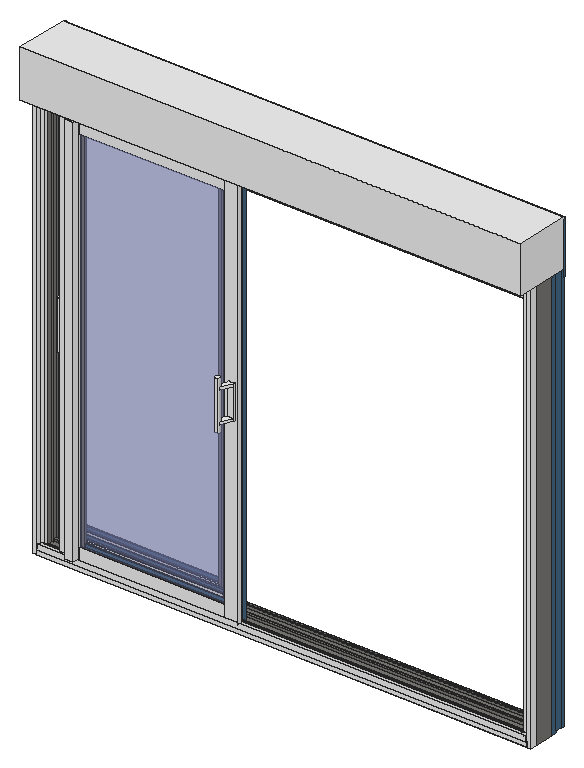
Revit family "K-LINE COULISSANT RENO-tunnel-KLBC3R-3V - Bloc Baie", category Fenêtres, Revit 2017
Family settings
  Hôte = Mur
  Numéro OmniClass = 23.30.20.00
  Titre OmniClass = Windows
  Toujours verticalement = Oui
  Couper avec des vides une fois chargée = Non
  Partagée = Non
  Point de calcul de pièce = Non
Parameters
  Youtube clip = ""
  Vitrage principal = ""
  Vitrage = Verre
  Visibilité des lames [instance] = yes
  Uniformat II Description = "Exterior Windows"
  Uniformat II Code = "B2020"
  Uniclass 2015 Name = "Doors and windows"
  Uniclass 2015 Code = "EF_25_30"
  Uniclass 2.0 Description = "Windows"
  Uniclass 2.0 Code = "PR-59-97"
  Uniclass 1.4 Description = "Windows"
  Uniclass 1.4 Code = "L413"
  URL = "https://pro.k-line.fr/baie-coulissante-3-rails.html"
  UNSPSC Code = "301716"
  Type porte fenêtre = Hauteur de fabrication > 1600.00 mm  # yes
  Type fenêtre = not(Type porte fenêtre)  # no
  Type de pose = "Pose en tunnel"
  Transmission thermique Uw = 1.4000 W/(m²·K)
  Transmission lumineuse TLw = "70%"
  Technical description = "http://www.pro.k-line.fr/baie-coulissante-3-rails.aspx"
  Symbole d'ouverture = yes
  Surface = Largeur * Hauteur  # 5.33815 m²
  SAV = "https://sav.k-line.fr/"
  QR code = "http://bimobject.com/k-line/product/KLBC3R-3VTX"
  Product url = "http://www.pro.k-line.fr/baie-coulissante-3-rails.aspx"
  Product group = "KL-BC3R"
  Product family = "Coulissants"
  Product data url = "https://www.bimobject.com/k-line/product/klbc3r-3vt-bbvr"
  Product certification = "http://www.pro.k-line.fr/baie-coulissante-3-rails-performances-certifications.aspx#produits"
  Product SKU = "KLBC3R-3VTX"
  Product Guid = "13ded3f3-efb5-4d70-944f-c43e4c48225d"
  Position traverse inter = Position du dessus de traverse - 64.00 mm  # 936.00 mm
  Position ouv central [instance] = if(Coulissant ouvert, Largeur de fabrication * 2 / 3 - 100.00 mm, Largeur ouvrant + 22.00 mm)  # 1500.00 mm
  Position du dessus de traverse = 1000.00 mm
  Position de l'ouvrant [instance] = if(Coulissant ouvert, Largeur de fabrication * 2 / 3 - 191.20 mm, 42.00 mm)  # 1408.80 mm
  Outil de thermo-luminosité = "https://pro.k-line.fr/le-calculateur-de-performances-thermiques-thermo-luminositer.html"
  Origine France Garantie = "https://pro.k-line.fr/pdf/attestations/Attestation_definitive_OFG_K-LINE.pdf"
  Option habillage extérieur = yes
  OmniClass Description = "Windows"
  OmniClass Code = "23-17 13 00"
  Occultation Thermobloc SPPF = yes
  Occultation Classic BUBENDORFF = not(Occultation Thermobloc SPPF)  # no
  Occultation = if(Occultation Thermobloc SPPF, "Thermobloc SPPF", "Classic BUBENDORFF")  # "Thermobloc SPPF"
  Numéro de série = "K.........."
  Note d'identification = "08520"
  Nombre de traverses intermédiaires = 0.00 mm
  Neuf / Réno / Multi support = "Réno"
  NBS Reference Description = "Windows"
  NBS Reference Code = "59-97"
  Mortaise et grille d'entrée d'air = "Non"
  Modèle = "KL-BC3R-3V"
  Message Hors abaques [instance] = or(or(1300.00 mm > Largeur de fabrication, Largeur de fabrication > 3000.00 mm), or(1601.00 mm > Hauteur de fabrication, Hauteur de fabrication > 2400.00 mm), and(Hauteur de fabrication > 1850.00 mm, Largeur de fabrication < 1400.00 mm), and(Hauteur de fabrication > 2000.00 mm, Largeur de fabrication < 1500.00 mm), and(Hauteur de fabrication > 2100.00 mm, Largeur de fabrication < 1600.00 mm), and(Hauteur de fabrication > 2250.00 mm, Largeur de fabrication < 1700.00 mm))  # no
  Matériaux = "Aluminium et verre"
  Masterformat 2014 Description = "Aluminum Windows"
  Masterformat 2014 Code = "08 51 13"
  Manufacturer country = "France"
  Lg volet = Largeur de fabrication - 30.60 mm  # 2369.40 mm
  Largeur ouvrant = (Largeur de fabrication - 199.00 mm) / 3 + 72.50 mm  # 806.167 mm
  Largeur ouv central = (Largeur de fabrication - 199.00 mm) / 3 + 50.00 mm  # 783.667 mm
  Largeur de fabrication = Largeur - Joint en montants * 2  # 2400.00 mm
  Rough Width [instance] = Largeur  # 2410.00 mm
  Joint en traverses = 5.00 mm
  Joint en montants = 5.00 mm
  Installation instructions = "https://pro.k-line.fr/notices-de-pose.html"
  IFC Classification = "Window"
  Ht volet = Ht dormant - 10.80 mm  # 1964.20 mm
  Ht dormant = Hauteur de fabrication - Ht coffre  # 1975.00 mm
  Ht coffre = if(Occultation Classic BUBENDORFF, 200.00 mm, 225.00 mm)  # 225.00 mm
  Hors abaques Porte Fenetre [instance] = or(or(1200.00 mm > Largeur de fabrication, Largeur de fabrication > 3000.00 mm), or(500.00 mm > Hauteur de fabrication, Hauteur de fabrication > 1600.00 mm))  # yes
  Hors abaques Fenetre [instance] = yes
  Hors abaques [instance] = and(if(Type fenêtre, Hors abaques Fenetre, Hors abaques Porte Fenetre), Message Hors abaques)  # no
  Hauteur ouvrant = Ht dormant - 75.00 mm  # 1900.00 mm
  Hauteur de fabrication = Hauteur - Joint en traverses * 2 - 5.00 mm  # 2200.00 mm
  Rough Height [instance] = Hauteur  # 2215.00 mm
  Hauteur = 2215.00 mm
  Hauteur de l'appui par défaut = 0.00 mm
  Grande Hauteur = and(Hauteur de fabrication > 2350.00 mm, Largeur de fabrication > 2900.00 mm)  # no
  Garanties = "https://www.pro.k-line.fr/pdf/Attestations-Avis_technique/Responsabilite_fabricant/Garanties_Legales_KLINE.pdf"
  Fermeture du mur = Par hôte
  Largeur = 2410.00 mm
  Famille de produit = "COULISSANT"
  Facteur solaire ScW (Hiver) = 0.56
  Fabricant = "K.LINE"
  Entretien = "https://www.pro.k-line.fr/pdf/Fiches_Entretien/Entretien_Menuiserie.pdf"
  Entreprise de pose = ""
  EAN code = ""
  Décalage intérieur du nu fini [instance] = 20.00 mm
  Description = "Fenêtre et porte fenêtre coulissante alu 3 rails"
  Coulissant ouvert [instance] = yes
  Couleur lames de volet = BUBENDORFF - 100 (RAL 9016)
  Couleur châssis Int = K.Line Intemporel Blanc satiné (9016 S) - KQ
  Couleur châssis Ext = K.Line Couleur Bleu Foncé (5003 T) - SR
  Couleur Accessoire Int = K.Line Accessoire Blanc - KQ
  Contraintes de Largeur = if(Type fenêtre, "1200 < Largeur < 3000", "1300 < Largeur < 3000")  # "1300 < Largeur < 3000"
  Contraintes de Hauteur = if(Type fenêtre, "500 < Hauteur < 1600", "1601 < Hauteur < 2400")  # "1601 < Hauteur < 2400"
  Construction analytique = "<Aucun>"
  Composition analytique de base = "Châssis 3500x2180 - Vitrage 4/WE Argon 20/TBE 4"
  Code d'assemblage = "B2020110"
  Classement AEV = "A*4 E*6B V*A3"
  Classe COV = "A+"
  Clair passage total = Largeur de fabrication * 2 / 3 - 242.00 mm  # 1358.00 mm
  COBIe Type Category = ""
  Brand url = "http://www.k-line.fr/index.aspx"
  BIMobject main category code = "windows"
  BIMobject main category = "Windows"
  BIMobject category code = "windows-slide"
  BIMobject category = "Opening Slide"
  Avis technique = "https://pro.k-line.fr/attestations-avis-techniques.html"
  Affaiblissement acoustique R(A,tr) = "30dB"
Reference planes
  plane 1 "Centre (avant/arrière)": y = 0
  plane 2 "Centre (gauche/droite)": x = 0
  plane 3 "Gauche": x = -1205
  plane 4 "Droite": x = 1205
  plane 5 "Appui": z = 0
  plane 6 "Tête": z = 2215
  plane 7 "Extérieur": y = 150
  plane 8 "Intérieur": y = -150
  plane 9: x = 1200
  plane 10: y = -130
  plane 11: z = 44
  plane 12: x = -208.8
  plane 13: y = -350
  plane 14: x = -300
  plane 15: x = -1200
  plane 16: x = -1158
  plane 17: z = 5
  plane 18: z = 1980
  plane 19: y = 61.75
Forms (mm)
  Extrusion 1, void
    sketch origin (0, 0, 0) x (1, 0, 0) y (0, 1, 0)
      loop
        line (-1205, 150) -> (-1205, -150) -> (1205, -150) -> (1205, 150) -> (-1205, 150)
    from 0 to 2215
Text (mm)
  text "EXTERIEUR" at (-1963.203, 1332.353, 0), in view "Niveau de réf."
  text "INTERIEUR" at (-1981.466, -818.386, 0), in view "Niveau de réf."
  text "Extérieur" at (0, 923.751, 2943.296), in view "Droite"
  text "Extérieur" at (0, 1040.484, 2685.409), in view "Gauche"
Dimensions and locks
  equal spacing: plane 3 "Gauche", plane 2 "Centre (gauche/droite)", plane 4 "Droite"
  "Largeur": plane 3 "Gauche" to plane 4 "Droite"
  "Hauteur": plane 5 "Appui" to plane 6 "Tête"
  "Hauteur de l'appui par défaut": plane 5 "Appui" to level
  locked: plane 7 "Extérieur" to host wall at 0
  locked: plane 8 "Intérieur" to host wall
  locked: plane 13 to plane 8 "Intérieur" at 200
  "Décalage intérieur du nu fini": plane 10 to plane 8 "Intérieur"
  "Joint en montants": plane 9 to plane 4 "Droite"
  "Position de l'ouvrant": plane 12 to plane 9
  "Joint en montants": plane 15 to plane 3 "Gauche"
  locked: plane 16 to plane 15 at 42
  "Position ouv central": plane 14 to plane 9
  "Joint en traverses": plane 5 "Appui" to plane 17
  locked: plane 11 to plane 17 at 39
  locked: plane 10 to plane 19 at 191.75
  "Ht dormant": plane 18 to plane 17
  aligned and locked: Extrusion 1 sketch curve to host wall  (x2)
  aligned and locked: Extrusion 1 sketch curve to plane 3 "Gauche"
  aligned and locked: plane 4 "Droite" to Extrusion 1 sketch curve
  aligned and locked: Extrusion 1 to plane 6 "Tête"
  aligned and locked: plane 5 "Appui" to Extrusion 1
  aligned and locked: nested 2 to plane 12
  aligned and locked: nested 2 to plane 11
  aligned and locked: plane 11 to nested 1
  aligned and locked: nested 3 to plane 2 "Centre (gauche/droite)"
  aligned and locked: nested 3 to plane 13
  aligned and locked: nested 4 to plane 2 "Centre (gauche/droite)"
  aligned and locked: plane 14 to nested 5
  aligned and locked: plane 11 to nested 5
  aligned and locked: nested 4 to plane 10
  aligned and locked: nested 4 to nested 1
  aligned and locked: nested 4 to nested 5
  aligned and locked: nested 4 to nested 2
  aligned and locked: nested 1 to plane 16
  aligned and locked: plane 18 to nested 4
  aligned and locked: plane 2 "Centre (gauche/droite)" to nested 6
  aligned and locked: nested 6 to plane 19
  aligned and locked: nested 6 to plane 18
Nested families
  nested 1: "Ouvrant KLBC" at (-1158, 1.75, 44) x (-1, 0, 0) z (0, 0, 1), type "Ouvrant KLBC"
    with Vantail Int no, Vantail Ext yes, Renfort PF no, Position symbole 120.00 mm, Poignée PF yes, Poignée F no, Poignée CPI no, Position traverses 608.667 mm, Porte fenêtre yes, Lg vitrage 733.667 mm, Lg traverse 703.667 mm, Largeur 806.167 mm, Ht vitrage 1804.00 mm, Ht traverse 1 936.00 mm, Hauteur 1900.00 mm, Fenêtre no
  nested 2: "Ouvrant KLBC" at (-208.8, -108.25, 44), type "Ouvrant KLBC"
    with Vantail Int yes, Vantail Ext no, Renfort PF yes, Position symbole 85.00 mm, Poignée PF yes, Poignée F no, Poignée CPI no, Position traverses 608.667 mm, Porte fenêtre yes, Lg vitrage 733.667 mm, Lg traverse 703.667 mm, Largeur 806.167 mm, Ht vitrage 1804.00 mm, Ht traverse 1 936.00 mm, Hauteur 1900.00 mm, Fenêtre no
  nested 3: "Texte Hors abaques" at (0, -350, 0), visible <- "Hors abaques", type "Texte Hors abaques"
  nested 4: "Dormant KL-BC3R RENO tunnel occultation" at (0, -130, 5), type "Dormant KL-BC3R RENO tunnel occultation"
    with Largeur 2400.00 mm, Hauteur 1975.00 mm
  nested 5: "Ouvrant central KLBC3R" at (-1063.667, -53.25, 44) x (-1, 0, 0) z (0, 0, 1), type "Ouvrant central KLBC3R"
    with Position traverses 608.667 mm, Lg vitrage 733.667 mm, Lg traverse 703.667 mm, Largeur 783.667 mm, Ht vitrage 1804.00 mm, Ht traverse 1 936.00 mm, Hauteur 1900.00 mm
  nested 6: "Bloc Baie Reno" at (0, 61.75, 15.8) x (-1, 0, 0) z (0, 0, 1), Visibilité des lames <- "Visibilité des lames", type "Bloc Baie Reno"
    with Visibilité des lames yes, Largeur 2369.40 mm, Hauteur 1964.20 mm
Definition of nested family "Ouvrant KLBC"
  Parameters (values of type "Ouvrant KLBC")
    Vitrage = none
    Visibilité ouverture = yes
    Vantail Int [instance] = not(Vantail Ext)  # no
    Vantail Ext [instance] = yes
    Renfort PF [instance] = and(Vantail Int, Porte fenêtre)  # no
    Profondeur renfort = if(Mt renforcé, 53.75 mm, 32.00 mm)  # 32.00 mm
    Position traverses = if([3 traverses], (Height - 274.00 mm) / 4 + 50.00 mm, (Height - 224.00 mm) / 3 + 50.00 mm)  # 456.333 mm
    Position symbole [instance] = if(Vantail Int, 85.00 mm, 120.00 mm)  # 120.00 mm
    Porte fenêtre = no
    Poignée PF [instance] = and(Porte fenêtre, not(Poignée CPI))  # no
    Poignée F [instance] = and(Fenêtre, not(Poignée CPI))  # yes
    Poignée CPI [instance] = and(Vantail Int, CPI)  # no
    Nb traverses = 0.00 mm
    Mt renforcé = no
    Lg vitrage = Width - 72.50 mm  # 1143.50 mm
    Lg traverse = Width - 102.50 mm  # 1113.50 mm
    Width = 1216.00 mm
    Ht vitrage = Height - 96.00 mm  # 1347.00 mm
    Ht traverse 1 = 431.00 mm
    Height = 1443.00 mm
    Fenêtre = yes
    Couleur châssis Int = none
    Couleur châssis Ext = none
    Couleur Accessoire Int = none
    Analytic Construction = "<Aucun>"
    CPI = no
    3 traverses = Nb traverses = 3.00 mm  # no
    2 traverses = or(Nb traverses = 2.00 mm, Nb traverses = 3.00 mm)  # no
    1 traverse = Nb traverses = 1.00 mm  # no
  Reference planes
    plane 1 "Centre (avant/arrière)": y = 0
    plane 2: z = 0
    plane 3 "Centre (gauche/droite)": x = 0
    plane 4: x = -1216
    plane 5: y = 21.75
    plane 6 "Nu ext": y = -21.75
    plane 7: x = -62.5
    plane 8: x = -47.5
    plane 9: x = -13
    plane 10: x = -1176
    plane 11: x = -1191
    plane 12: x = -1196
    plane 13: y = -14
    plane 14: y = 14
    plane 15: y = -8
    plane 16: y = 8
    plane 17: x = -1213
    plane 18: y = 28.25
    plane 19: z = 1443
    plane 20: z = 721.5
    plane 21: z = 62
    plane 22: z = 48
    plane 23: z = 13
    plane 24: y = -20
    plane 25: y = 20
    plane 26: z = 1381
    plane 27: z = 1395
    plane 28: z = 1430
    plane 29: x = -31.5
    plane 30: x = -619.25
    plane 31: y = -28.25
    plane 32: y = 53.75
    plane 33: z = 493.333
    plane 34: z = 949.667
    plane 35: z = 1406
    plane 36: z = 1862.333
    plane 37: z = 37
    plane 38: z = 431
    plane 39: y = 120
    plane 40: z = 1253
    plane 41: y = 46.75
  Forms (mm)
    Extrusion 1, solid, material <- "Couleur châssis Int"
      sketch origin (0, 0, 0) x (1, 0, 0) y (0, 1, 0)
        loop
          line (-62.5, 21.75) -> (-62.5, 14) -> (-47.5, 14) -> (-47.5, 0) -> (-13, 0) -> (-13, 8) -> (0, 8) -> (0, 21.75) -> (-62.5, 21.75)
      from 0 to 1443
    Extrusion 2, solid, material <- "Couleur châssis Ext"
      sketch origin (0, 0, 0) x (1, 0, 0) y (0, 1, 0)
        loop
          line (-62.5, -21.75) -> (0, -21.75) -> (0, -8) -> (-13, -8) -> (-13, 0) -> (-47.5, 0) -> (-47.5, -14) -> (-62.5, -14) -> (-62.5, -21.75)
      from 0 to 1443
    Extrusion 3, solid, visible <- "Vantail Ext"
      sketch origin (0, 0, 0) x (1, 0, 0) y (0, 1, 0)
        loop
          line (-1213, 28.25) -> (-1213, -14) -> (-1191, -14) -> (-1191, 14) -> (-1176, 14) -> (-1176, 21.75) -> (-1196, 21.75) -> (-1196, 28.25) -> (-1213, 28.25)
      from 0 to 1443
    Extrusion 4, solid, material <- "Couleur châssis Ext", visible <- "Vantail Ext"
      sketch origin (0, 0, 0) x (1, 0, 0) y (0, 1, 0)
        loop
          line (-1216, 28.25) -> (-1216, -21.75) -> (-1176, -21.75) -> (-1176, -14) -> (-1213, -14) -> (-1213, 28.25) -> (-1216, 28.25)
      from 0 to 1443
    Extrusion 5, solid, material <- "Couleur châssis Ext"
      sketch origin (0, 0, 0) x (0, 1, 0) y (0, 0, 1)
        loop
          line (-20, 62) -> (-20, 0) -> (-8, 0) -> (-8, 13) -> (0, 13) -> (0, 48) -> (-14, 48) -> (-14, 62) -> (-20, 62)
        loop
          line (-20, 1381) -> (-14, 1381) -> (-14, 1395) -> (0, 1395) -> (0, 1430) -> (-8, 1430) -> (-8, 1443) -> (-20, 1443) -> (-20, 1381)
      from -62.5 to -1176
    Extrusion 6, void
      sketch origin (0, 0, 0) x (0, 1, 0) y (0, 0, 1)
        loop
          line (-8, 13) -> (-8, 0) -> (8, 0) -> (8, 13) -> (-8, 13)
        loop
          line (-8, 1430) -> (8, 1430) -> (8, 1443) -> (-8, 1443) -> (-8, 1430)
      from 0 to -1216
    Extrusion 7, solid, material <- "Couleur châssis Int"
      sketch origin (0, 1.25, 0.625) x (0, -1, 0) y (0, 0, -1)
        loop
          line (-18.75, -61.375) -> (-12.75, -61.375) -> (-12.75, -47.375) -> (1.25, -47.375) -> (1.25, -12.375) -> (-6.75, -12.375) -> (-6.75, 0.625) -> (-18.75, 0.625) -> (-18.75, -61.375)
        loop
          line (-18.75, -1380.375) -> (-18.75, -1442.375) -> (-6.75, -1442.375) -> (-6.75, -1429.375) -> (1.25, -1429.375) -> (1.25, -1394.375) -> (-12.75, -1394.375) -> (-12.75, -1380.375) -> (-18.75, -1380.375)
      from -62.5 to -1176
    Extrusion 8, solid, material <- "Couleur châssis Int", visible <- "Vantail Int"
      sketch origin (0, 0, 0) x (1, 0, 0) y (0, 1, 0)
        loop
          line (-1216, -28.25) -> (-1213, -28.25) -> (-1213, 14) -> (-1176, 14) -> (-1176, 21.75) -> (-1216, 21.75) -> (-1216, -28.25)
      from 0 to 1443
    Extrusion 9, solid, visible <- "Vantail Int"
      sketch origin (0, 0, 0) x (1, 0, 0) y (0, 1, 0)
        loop
          line (-1213, -28.25) -> (-1196, -28.25) -> (-1196, -21.75) -> (-1176, -21.75) -> (-1176, -14) -> (-1191, -14) -> (-1191, 14) -> (-1213, 14) -> (-1213, -28.25)
      from 0 to 1443
    Extrusion 10, solid, material <- "Couleur châssis Int", visible <- "Renfort PF"
      sketch origin (0, 0, 0) x (1, 0, 0) y (0, 1, 0)
        loop
          line (-1216, 53.75) -> (-1216, 21.75) -> (-1176, 21.75) -> (-1176, 53.75) -> (-1216, 53.75)
      from 13 to 1443
    Extrusion 11, solid, material <- "Couleur Accessoire Int", visible <- "Poignée CPI"
      sketch origin (0, -21.75, 0) x (-1, 0, 0) y (0, 0, -1)
        loop
          line (13, -1443) -> (47.5, -1443) -> (47.5, -1257)
          arc (47.5, -1257) -> (46.328, -1254.172) -> (43.5, -1253) r 4
          line (43.5, -1253) -> (17, -1253)
          arc (17, -1253) -> (14.172, -1254.172) -> (13, -1257) r 4
          line (13, -1257) -> (13, -1443)
      from -43.5 to -68.5
  Cuts and joins
    Extrusion 6 cuts Extrusion 5
    Extrusion 6 cuts Extrusion 4
    Extrusion 6 cuts Extrusion 3
    Extrusion 6 cuts Extrusion 1
    Extrusion 6 cuts Extrusion 2
    Extrusion 6 cuts Extrusion 8
    Extrusion 6 cuts Extrusion 9
  Lines and regions (mm)
    symbolic lines, visible <- "Visibilité ouverture"
      curve 1: line (-719.25, -21.75, 721.5) -> (-519.25, -21.75, 721.5)
      curve 2: line (-719.25, -21.75, 721.5) -> (-682.998, -21.75, 738.405)
      curve 3: line (-719.25, -21.75, 721.5) -> (-682.998, -21.75, 704.595)
      curve 4: line (-719.25, 120, 0) -> (-519.25, 120, 0)
      curve 5: line (-719.25, 120, 0) -> (-680.613, 130.353, 0)
      curve 6: line (-719.25, 120, 0) -> (-680.613, 109.647, 0)
    model lines, visible <- "Visibilité ouverture"
      curve 7: line (-519.25, -21.75, 721.5) -> (-719.25, -21.75, 721.5)
      curve 8: line (-719.25, -21.75, 721.5) -> (-682.998, -21.75, 704.595)
      curve 9: line (-682.998, -21.75, 738.405) -> (-719.25, -21.75, 721.5)
  Dimensions and locks
    "Width": plane 4 to plane 3 "Centre (gauche/droite)"
    locked: plane 5 to plane 1 "Centre (avant/arrière)" at 21.75
    locked: plane 6 "Nu ext" to plane 1 "Centre (avant/arrière)" at 21.75
    locked: plane 7 to plane 3 "Centre (gauche/droite)" at 62.5
    locked: plane 7 to plane 8 at 15
    locked: plane 9 to plane 3 "Centre (gauche/droite)" at 13
    locked: plane 10 to plane 11 at 15
    locked: plane 4 to plane 12 at 20
    locked: plane 12 to plane 10 at 20
    locked: plane 6 "Nu ext" to plane 13 at 7.75
    locked: plane 5 to plane 14 at 7.75
    locked: plane 15 to plane 1 "Centre (avant/arrière)" at 8
    locked: plane 16 to plane 1 "Centre (avant/arrière)" at 8
    locked: plane 4 to plane 17 at 3
    locked: plane 6 "Nu ext" to plane 18 at 50
    "Height": plane 19 to plane 2
    equal spacing: plane 19, plane 20, plane 2
    locked: plane 21 to plane 2 at 62
    locked: plane 21 to plane 22 at 14
    locked: plane 2 to plane 23 at 13
    locked: plane 24 to plane 13 at 6
    locked: plane 25 to plane 14 at 6
    locked: plane 26 to plane 27 at 14
    locked: plane 19 to plane 28 at 13
    locked: plane 26 to plane 19 at 62
    locked: plane 29 to plane 3 "Centre (gauche/droite)" at 31.5
    equal spacing: plane 11, plane 30, plane 8
    locked: plane 5 to plane 31 at 50
    "Profondeur renfort": plane 32 to plane 5
    "Position traverses": plane 34 to plane 33
    "Position traverses": plane 35 to plane 34
    "Position traverses": plane 36 to plane 35
    locked: plane 21 to plane 37 at 25
    "Position traverses": plane 33 to plane 37
    "Ht traverse 1": plane 38 to plane 2
    "Position symbole": plane 39 to plane 1 "Centre (avant/arrière)"
    locked: plane 19 to plane 40 at 190
    locked: plane 41 to plane 5 at 25
    aligned and locked: level to plane 2
    aligned and locked: plane 7 to Extrusion 1 sketch curve
    aligned and locked: Extrusion 1 sketch curve to plane 5
    aligned and locked: Extrusion 1 sketch curve to plane 14
    aligned and locked: plane 8 to Extrusion 1 sketch curve
    aligned and locked: Extrusion 1 sketch curve to plane 1 "Centre (avant/arrière)"
    aligned and locked: Extrusion 1 sketch curve to plane 9
    aligned and locked: plane 16 to Extrusion 1 sketch curve
    aligned and locked: Extrusion 1 sketch curve to plane 3 "Centre (gauche/droite)"
    aligned and locked: plane 9 to Extrusion 2 sketch curve
    aligned and locked: Extrusion 2 sketch curve to plane 15
    aligned and locked: plane 3 "Centre (gauche/droite)" to Extrusion 2 sketch curve
    aligned and locked: plane 6 "Nu ext" to Extrusion 2 sketch curve
    aligned and locked: Extrusion 2 sketch curve to plane 7
    aligned and locked: plane 13 to Extrusion 2 sketch curve
    aligned and locked: Extrusion 2 sketch curve to plane 8
    aligned and locked: Extrusion 2 sketch curve to plane 1 "Centre (avant/arrière)"
    aligned and locked: plane 17 to Extrusion 3 sketch curve
    aligned and locked: plane 12 to Extrusion 3 sketch curve
    aligned and locked: plane 10 to Extrusion 3 sketch curve
    aligned and locked: plane 11 to Extrusion 3 sketch curve
    aligned and locked: plane 13 to Extrusion 3 sketch curve
    aligned and locked: plane 4 to Extrusion 4 sketch curve
    aligned and locked: Extrusion 4 sketch curve to plane 17
    aligned and locked: Extrusion 4 sketch curve to plane 13
    aligned and locked: plane 10 to Extrusion 4 sketch curve
    aligned and locked: Extrusion 4 sketch curve to plane 6 "Nu ext"
    aligned and locked: Extrusion 4 sketch curve to plane 18
    aligned and locked: Extrusion 3 sketch curve to plane 18
    aligned and locked: Extrusion 3 sketch curve to plane 5
    aligned and locked: Extrusion 3 sketch curve to plane 14
    aligned and locked: Extrusion 4 to plane 2
    aligned and locked: Extrusion 3 to plane 2
    aligned and locked: Extrusion 1 to plane 2
    aligned and locked: Extrusion 2 to plane 2
    aligned and locked: plane 19 to Extrusion 1
    aligned and locked: plane 19 to Extrusion 2
    aligned and locked: plane 19 to Extrusion 3
    aligned and locked: plane 19 to Extrusion 4
    aligned and locked: plane 24 to Extrusion 5 sketch curve
    aligned and locked: plane 21 to Extrusion 5 sketch curve
    aligned and locked: plane 13 to Extrusion 5 sketch curve
    aligned and locked: plane 22 to Extrusion 5 sketch curve
    aligned and locked: Extrusion 5 sketch curve to plane 1 "Centre (avant/arrière)"
    aligned and locked: plane 23 to Extrusion 5 sketch curve
    aligned and locked: Extrusion 5 sketch curve to plane 2
    aligned and locked: Extrusion 5 sketch curve to plane 24
    aligned and locked: Extrusion 5 sketch curve to plane 19
    aligned and locked: Extrusion 5 sketch curve to plane 28
    aligned and locked: plane 1 "Centre (avant/arrière)" to Extrusion 5 sketch curve
    aligned and locked: Extrusion 5 sketch curve to plane 27
    aligned and locked: Extrusion 5 sketch curve to plane 13
    aligned and locked: Extrusion 5 sketch curve to plane 26
    aligned and locked: plane 15 to Extrusion 5 sketch curve
    aligned and locked: Extrusion 5 sketch curve to plane 15
    aligned and locked: plane 23 to Extrusion 6 sketch curve
    aligned and locked: Extrusion 6 sketch curve to plane 16
    aligned and locked: plane 2 to Extrusion 6 sketch curve
    aligned and locked: Extrusion 6 sketch curve to plane 15
    aligned and locked: plane 19 to Extrusion 6 sketch curve
    aligned and locked: plane 16 to Extrusion 6 sketch curve
    aligned and locked: Extrusion 6 sketch curve to plane 28
    aligned and locked: plane 15 to Extrusion 6 sketch curve
    aligned and locked: Extrusion 6 to plane 4
    aligned and locked: plane 3 "Centre (gauche/droite)" to Extrusion 6
    aligned and locked: plane 10 to Extrusion 5
    aligned and locked: plane 7 to cut or joined group of Extrusion 5, Extrusion 6
    aligned and locked: plane 19 to Extrusion 7 sketch curve
    aligned and locked: plane 28 to Extrusion 7 sketch curve
    aligned and locked: plane 1 "Centre (avant/arrière)" to Extrusion 7 sketch curve
    aligned and locked: Extrusion 7 sketch curve to plane 16
    aligned and locked: plane 25 to Extrusion 7 sketch curve
    aligned and locked: plane 27 to Extrusion 7 sketch curve
    aligned and locked: plane 26 to Extrusion 7 sketch curve
    aligned and locked: plane 14 to Extrusion 7 sketch curve
    aligned and locked: Extrusion 7 sketch curve to plane 21
    aligned and locked: Extrusion 7 sketch curve to plane 22
    aligned and locked: Extrusion 7 sketch curve to plane 23
    aligned and locked: plane 2 to Extrusion 7 sketch curve
    aligned and locked: Extrusion 7 sketch curve to plane 25
    aligned and locked: Extrusion 7 sketch curve to plane 14
    aligned and locked: plane 16 to Extrusion 7 sketch curve
    aligned and locked: Extrusion 7 sketch curve to plane 1 "Centre (avant/arrière)"
    aligned and locked: nested 1 to plane 5
    aligned and locked: nested 1 to plane 29
    aligned and locked: nested 1 to plane 20
    aligned and locked: nested 2 to plane 29
    aligned and locked: plane 5 to nested 2
    aligned and locked: plane 20 to nested 2
    aligned and locked: plane 1 "Centre (avant/arrière)" to nested 3
    aligned and locked: plane 30 to nested 3
    aligned and locked: nested 3 to plane 22
    aligned and locked: plane 1 "Centre (avant/arrière)" to nested 4
    aligned and locked: plane 3 "Centre (gauche/droite)" to nested 4
    aligned and locked: nested 5 to plane 1 "Centre (avant/arrière)"
    aligned and locked: plane 19 to nested 5
    aligned and locked: plane 2 to nested 6
    aligned and locked: plane 1 "Centre (avant/arrière)" to nested 6
    aligned and locked: plane 4 to nested 7
    aligned and locked: plane 1 "Centre (avant/arrière)" to nested 7
    aligned and locked: nested 8 to plane 4
    aligned and locked: plane 1 "Centre (avant/arrière)" to nested 8
    aligned and locked: plane 14 to Extrusion 8 sketch curve
    aligned and locked: plane 17 to Extrusion 8 sketch curve
    aligned and locked: Extrusion 8 sketch curve to plane 4
    aligned and locked: Extrusion 9 sketch curve to plane 14
    aligned and locked: plane 13 to Extrusion 9 sketch curve
    aligned and locked: plane 6 "Nu ext" to Extrusion 9 sketch curve
    aligned and locked: Extrusion 9 sketch curve to plane 31
    aligned and locked: Extrusion 9 sketch curve to plane 12
    aligned and locked: Extrusion 9 sketch curve to plane 10
    aligned and locked: Extrusion 9 sketch curve to plane 11
    aligned and locked: Extrusion 9 sketch curve to plane 17
    aligned and locked: Extrusion 8 sketch curve to plane 31
    aligned and locked: plane 10 to Extrusion 7
    aligned and locked: plane 19 to Extrusion 8
    aligned and locked: plane 19 to Extrusion 9
    aligned and locked: Extrusion 9 to plane 2
    aligned and locked: Extrusion 8 to plane 2
    aligned and locked: plane 5 to Extrusion 8 sketch curve
    aligned and locked: Extrusion 10 sketch curve to plane 32
    aligned and locked: plane 4 to Extrusion 10 sketch curve
    aligned and locked: plane 10 to Extrusion 10 sketch curve
    aligned and locked: plane 5 to Extrusion 10 sketch curve
    aligned and locked: plane 23 to Extrusion 10
    aligned and locked: plane 19 to Extrusion 10
    aligned and locked: nested 9 to plane 30
    aligned and locked: nested 9 to plane 1 "Centre (avant/arrière)"
    aligned and locked: plane 33 to nested 10
    aligned and locked: plane 34 to nested 11
    aligned and locked: plane 35 to nested 12
    aligned and locked: nested 12 to plane 1 "Centre (avant/arrière)"
    aligned and locked: nested 11 to plane 1 "Centre (avant/arrière)"
    aligned and locked: nested 10 to plane 1 "Centre (avant/arrière)"
    aligned and locked: plane 38 to nested 9
    aligned and locked: nested 10 to plane 30
    aligned and locked: nested 11 to plane 30
    aligned and locked: nested 12 to plane 30
    aligned and locked: plane 19 to Extrusion 11 sketch curve
    aligned and locked: plane 9 to Extrusion 11 sketch curve
    aligned and locked: Extrusion 11 sketch curve to plane 40
    aligned and locked: Extrusion 11 sketch curve to plane 8
    aligned and locked: plane 41 to Extrusion 11
    aligned and locked: Extrusion 11 to plane 5
  Automatic sketch dimensions
    curve 6 to plane 39 = 0.00 mm
    curve 6 to plane 30 = 100.00 mm
    plane 30 to curve 4 = 100.00 mm
    plane 39 to curve 5 = 10.353 mm
    curve 4 to curve 5 = 38.637 mm
    curve 6 to plane 39 = 10.353 mm
    curve 6 to curve 5 = 0.00 mm
    Extrusion 8 sketch curve to plane 10 = 0.00 mm
    curve 9 to plane 20 = 0.00 mm
    plane 20 to curve 8 = 16.905 mm
    plane 30 to curve 8 = 63.748 mm
    curve 3 to curve 7 = 36.252 mm
    curve 7 to plane 30 = 100.00 mm
    curve 1 to curve 7 = 0.00 mm
    curve 2 to plane 20 = 16.905 mm
    curve 2 to curve 3 = 0.00 mm
    plane 9 to Extrusion 11 sketch curve = 4.00 mm
    Extrusion 11 sketch curve to Extrusion 11 sketch curve = 4.00 mm
  Nested families
    nested 1: "Poignée 24751" at (-31.5, 21.75, 721.5), visible <- "Poignée PF", type "Poignée 24751", detail levels fine
    nested 2: "KLBC_Poignée 102217" at (-31.5, 21.75, 721.5) x (-1, 0, 0) z (0, 0, 1), visible <- "Poignée F", type "KLBC_Poignée 102217", detail levels fine
    nested 3: "Vitrage" at (-619.25, 0, 48), Width <- "Lg vitrage", Height <- "Ht vitrage", type "Vitrage"
      with Width 1143.50 mm, Height 1347.00 mm
    nested 4: "Détail 2D - KLBC - Profil ouvrant" at (-62.5, 0, 0) x (0, -1, 0) z (0, 0, 1), type "Détail 2D - KLBC - Profil ouvrant"
      with Traverse no, Pf vitrage 15.00 mm, Lg 43.50 mm, Ht 62.50 mm
    nested 5: "Détail 2D - KLBC - Profil ouvrant" at (0, 0, 1381) x (0, 1, 0) z (1, 0, 0), type "Détail 2D - KLBC - Profil ouvrant"
      with Traverse yes, Pf vitrage 14.00 mm, Lg 40.00 mm, Ht 62.00 mm
    nested 6: "Détail 2D - KLBC - Profil ouvrant" at (0, 0, 62) x (0, 1, 0) z (1, 0, 0), type "Détail 2D - KLBC - Profil ouvrant"
      with Traverse yes, Pf vitrage 14.00 mm, Lg 40.00 mm, Ht 62.00 mm
    nested 7: "Détail 2D - KLBC - Montant central" at (-1216, 0, 0), visible <- "Vantail Ext", type "Détail 2D - KLBC - Montant central"
      with Profondeur 7.75 mm, Porte fenêtre no, Mt renforcé no
    nested 8: "Détail 2D - KLBC - Montant central" at (-1216, 0, 0), Porte fenêtre <- "Porte fenêtre", visible <- "Vantail Int", Mt renforcé <- "Mt renforcé", type "Détail 2D - KLBC - Montant central"
      with Profondeur 7.75 mm, Porte fenêtre no, Mt renforcé no
    nested 9: "Traverse intermédiaire" at (-619.25, 0, 431) x (-1, 0, 0) z (0, 0, 1), visible <- "1 traverse", type "Traverse intermédiaire"
      with Longueur 1113.50 mm
    nested 10: "Traverse intermédiaire" at (-619.25, 0, 493.333) x (-1, 0, 0) z (0, 0, 1), visible <- "2 traverses", type "Traverse intermédiaire"
      with Longueur 1113.50 mm
    nested 11: "Traverse intermédiaire" at (-619.25, 0, 949.667) x (-1, 0, 0) z (0, 0, 1), visible <- "2 traverses", type "Traverse intermédiaire"
      with Longueur 1113.50 mm
    nested 12: "Traverse intermédiaire" at (-619.25, 0, 1406) x (-1, 0, 0) z (0, 0, 1), visible <- "3 traverses", type "Traverse intermédiaire"
      with Longueur 1113.50 mm
  Definition of nested family "Poignée 24751"
    Parameters
      Couleur Accessoire = none
    Reference planes
      plane 1 "Centre (avant/arrière)": y = 0
      plane 2: z = 0
      plane 3 "Centre (gauche/droite)": x = 0
      plane 4: y = -65
      plane 5: x = -22.6
      plane 6: y = -57
      plane 7: y = -7
      plane 8: z = 80
      plane 9: z = 117
      plane 10: z = -80
      plane 11: z = -117
      plane 12: z = 69.2
      plane 13: z = -69.2
    Forms (mm)
      Extrusion 1, solid, material <- "Couleur Accessoire"
        sketch origin (0, 0, 0) x (1, 0, 0) y (0, 1, 0)
          loop
            line (-14, 0) -> (-14, -7) -> (14, -7) -> (14, 0) -> (-14, 0)
        from -80 to 80
      Extrusion 2, solid, material <- "Couleur Accessoire"
        sketch origin (0, 0, 0) x (1, 0, 0) y (0, 1, 0)
          loop
            arc (-15.05, -65) -> (-22.6, -46) -> (-30.15, -65) r 11
            line (-30.15, -65) -> (-15.05, -65)
        from -117 to 117
      Extrusion 3, solid, material <- "Couleur Accessoire"
        sketch origin (0, 0, 0) x (1, 0, 0) y (0, 1, 0)
          loop
            line (-14, -7) -> (-31.287, -50.252)
            arc (-31.287, -50.252) -> (-17.9, -47.055) -> (-11.871, -59.427) r 11
            line (-11.871, -59.427) -> (14, -7) -> (-14, -7)
        from 69.2 to 80
      Extrusion 4, solid, material <- "Couleur Accessoire"
        sketch origin (0, 0, 0) x (1, 0, 0) y (0, 1, 0)
          loop
            line (-14, -7) -> (-31.287, -50.252)
            arc (-31.287, -50.252) -> (-17.9, -47.055) -> (-11.871, -59.427) r 11
            line (-11.871, -59.427) -> (14, -7) -> (-14, -7)
        from -80 to -69.2
    Cuts and joins
      joined: Extrusion 1, Extrusion 2, Extrusion 3, Extrusion 4
    Dimensions and locks
      locked: plane 4 to plane 1 "Centre (avant/arrière)" at 65
      locked: plane 5 to plane 3 "Centre (gauche/droite)" at 22.6
      locked: plane 6 to plane 1 "Centre (avant/arrière)" at 57
      locked: plane 7 to plane 1 "Centre (avant/arrière)" at 7
      Extrusion 1 sketch curve to plane 3 "Centre (gauche/droite)" = 14.00 mm
      plane 3 "Centre (gauche/droite)" to Extrusion 1 sketch curve = 14.00 mm
      locked: plane 8 to plane 2 at 80
      locked: plane 2 to plane 9 at 117
      locked: plane 10 to level at 80
      locked: level to plane 11 at 117
      locked: plane 12 to plane 8 at 10.8
      locked: plane 13 to plane 10 at 10.8
      aligned and locked: level to plane 2
      aligned and locked: plane 1 "Centre (avant/arrière)" to Extrusion 1 sketch curve
      aligned and locked: plane 7 to Extrusion 1 sketch curve
      aligned and locked: plane 11 to Extrusion 2
      aligned and locked: plane 9 to Extrusion 2
      aligned and locked: plane 10 to Extrusion 1
      aligned and locked: plane 8 to Extrusion 1
      aligned and locked: Extrusion 3 to Extrusion 1
      aligned and locked: Extrusion 3 to plane 12
      aligned and locked: Extrusion 4 to Extrusion 1
      aligned and locked: Extrusion 4 to plane 13
  Definition of nested family "KLBC_Poignée 102217"
    Parameters (values of type "KLBC_Poignée 102217")
      Couleur Accessoire = none
    Reference planes
      plane 1 "Centre (avant/arrière)": y = 0
      plane 2: z = 0
      plane 3 "Centre (gauche/droite)": x = 0
      plane 4: x = -15
      plane 5: y = -24.7
      plane 6: y = -7
      plane 7: z = 13.5
      plane 8: z = 95.5
      plane 9: z = -76
      plane 10: z = 93.5
      plane 11: x = -5
      plane 12: x = 15
      plane 13: x = 5
      plane 14: z = -58
      plane 15: y = -29
    Forms (mm)
      Extrusion 1, solid, material <- "Couleur Accessoire"
        sketch origin (0, 0, 0) x (1, 0, 0) y (0, 0, 1)
          loop
            line (13, 95.5) -> (-13, 95.5)
            arc (-13, 95.5) -> (-14.414, 94.914) -> (-15, 93.5) r 2
            line (-15, 93.5) -> (-15, -74)
            arc (-15, -74) -> (-14.414, -75.414) -> (-13, -76) r 2
            line (-13, -76) -> (13, -76)
            arc (13, -76) -> (14.414, -75.414) -> (15, -74) r 2
            line (15, -74) -> (15, 93.5)
            arc (15, 93.5) -> (14.414, 94.914) -> (13, 95.5) r 2
        from 0 to 7
      Extrusion 2, solid, material <- "Couleur Accessoire"
        sketch origin (0, 0, 0) x (1, 0, 0) y (0, 0, 1)
          loop
            circle (0, 0) r 12
        from 7 to 24.7
      Extrusion 3, solid, material <- "Couleur Accessoire"
        sketch origin (0, 0, 0) x (1, 0, 0) y (0, 0, 1)
          loop
            line (5, 15.253) -> (5, 91.747)
            arc (5, 91.747) -> (4.826, 92.311) -> (4.364, 92.678) r 1
            arc (4.364, 92.678) -> (0, 93.5) -> (-4.364, 92.678) r 12
            arc (-4.364, 92.678) -> (-4.826, 92.311) -> (-5, 91.747) r 1
            line (-5, 91.747) -> (-5, 15.253)
            arc (-5, 15.253) -> (-4.826, 14.689) -> (-4.364, 14.322) r 1
            arc (-4.364, 14.322) -> (0, 13.5) -> (4.364, 14.322) r 12
            arc (4.364, 14.322) -> (4.826, 14.689) -> (5, 15.253) r 1
          loop
            arc (5, 10.247) -> (4.826, 10.811) -> (4.364, 11.178) r 1
            arc (4.364, 11.178) -> (0, 12) -> (-4.364, 11.178) r 12
            arc (-4.364, 11.178) -> (-4.826, 10.811) -> (-5, 10.247) r 1
            line (-5, 10.247) -> (-5, -56.247)
            arc (-5, -56.247) -> (-4.826, -56.811) -> (-4.364, -57.178) r 1
            arc (-4.364, -57.178) -> (0, -58) -> (4.364, -57.178) r 12
            arc (4.364, -57.178) -> (4.826, -56.811) -> (5, -56.247) r 1
            line (5, -56.247) -> (5, 10.247)
        from 7 to 29
    Cuts and joins
      joined: Extrusion 2, Extrusion 3
    Dimensions and locks
      locked: plane 5 to plane 6 at 17.7
      locked: plane 6 to plane 1 "Centre (avant/arrière)" at 7
      locked: plane 7 to plane 2 at 13.5
      locked: plane 2 to plane 8 at 95.5
      locked: level to plane 9 at 76
      locked: plane 4 to plane 3 "Centre (gauche/droite)" at 15
      locked: plane 11 to plane 3 "Centre (gauche/droite)" at 5
      locked: plane 12 to plane 3 "Centre (gauche/droite)" at 15
      locked: plane 13 to plane 3 "Centre (gauche/droite)" at 5
      locked: plane 14 to level at 58
      locked: plane 15 to plane 5 at 4.3
      locked: plane 10 to plane 8 at 2
      radius of Extrusion 2 sketch curve = 12.00 mm
      aligned and locked: level to plane 2
      aligned and locked: plane 8 to Extrusion 1 sketch curve
      aligned and locked: Extrusion 1 sketch curve to plane 12
      aligned and locked: plane 9 to Extrusion 1 sketch curve
      aligned and locked: Extrusion 1 sketch curve to plane 4
      aligned and locked: Extrusion 1 to plane 1 "Centre (avant/arrière)"
      aligned and locked: Extrusion 1 to plane 6
      aligned and locked: Extrusion 2 to plane 5
      aligned and locked: plane 6 to Extrusion 2
      aligned and locked: plane 13 to Extrusion 3 sketch curve
      aligned and locked: plane 11 to Extrusion 3 sketch curve
      aligned and locked: Extrusion 3 sketch curve to plane 11
      aligned and locked: Extrusion 3 sketch curve to plane 13
      aligned and locked: plane 6 to Extrusion 3
      aligned and locked: Extrusion 3 to plane 15
  Definition of nested family "Vitrage"
    Parameters
      Width [instance] = 823.00 mm
      K.LINE Verre = none
      Height [instance] = 1344.00 mm
      Ep verre Int = 4.00 mm
      Ep verre Ext = 4.00 mm
      Ep Vitrage = 28.00 mm
      Analytic Construction = "<Aucun>"
    Reference planes
      plane 1 "Centre (avant/arrière)": y = 0
      plane 2: z = 0
      plane 3 "Centre (gauche/droite)": x = 0
      plane 4: x = -411.5
      plane 5: x = 411.5
      plane 6: y = 14
      plane 7: y = -14
      plane 8: y = 10
      plane 9: y = -10
      plane 10: z = 1344
      plane 11: x = -401.5
      plane 12: x = 401.5
      plane 13: z = 10
      plane 14: z = 1334
    Forms (mm)
      Extrusion 1, solid, material <- "K.LINE Verre"
        sketch origin (0, 0, 0) x (1, 0, 0) y (0, 1, 0)
          loop
            line (-411.5, 14) -> (-411.5, -14) -> (411.5, -14) -> (411.5, 14) -> (-411.5, 14)
        from 0 to 1344
    Lines and regions (mm)
      symbolic lines, detail levels medium+fine
        curve 1: line (-411.5, 14, 0) -> (411.5, 14, 0)
        curve 2: line (-411.5, -14, 0) -> (-411.5, 14, 0)
        curve 3: line (411.5, -14, 0) -> (-411.5, -14, 0)
        curve 4: line (411.5, 14, 0) -> (411.5, -14, 0)
        curve 10: line (0, -14, 0) -> (0, 14, 0)
        curve 11: line (0, -14, 1344) -> (0, -14, 0)
        curve 12: line (0, 14, 1344) -> (0, -14, 1344)
        curve 13: line (0, 14, 0) -> (0, 14, 1344)
      symbolic lines, detail levels coarse
        curve 5: line (-411.5, 0, 0) -> (411.5, 0, 0)
        curve 15: line (0, 0, 0) -> (0, 0, 1344)
      symbolic lines, detail levels fine
        curve 6: line (411.5, -10, 0) -> (-411.5, -10, 0)
        curve 7: line (411.5, 10, 0) -> (-411.5, 10, 0)
        curve 8: line (-401.5, 10, 0) -> (-401.5, -10, 0)
        curve 9: line (401.5, 10, 0) -> (401.5, -10, 0)
        curve 14: line (0, 10, 0) -> (0, 10, 1344)
        curve 16: line (0, -10, 0) -> (0, -10, 1344)
        curve 17: line (0, 10, 1334) -> (0, -10, 1334)
        curve 18: line (0, 10, 10) -> (0, -10, 10)
    Dimensions and locks
      equal spacing: plane 4, plane 3 "Centre (gauche/droite)", plane 5
      equal spacing: plane 6, plane 1 "Centre (avant/arrière)", plane 7
      "Width": plane 4 to plane 5
      "Ep Vitrage": plane 6 to plane 7
      "Ep verre Ext": plane 6 to plane 8
      "Ep verre Int": plane 9 to plane 7
      "Height": plane 2 to plane 10
      plane 4 to plane 11 = 10.00 mm
      locked: plane 12 to plane 5 at 10
      locked: plane 14 to plane 10 at 10
      locked: plane 13 to plane 2 at 10
      aligned and locked: level to plane 2
      aligned and locked: Extrusion 1 sketch curve to plane 6
      aligned and locked: plane 4 to Extrusion 1 sketch curve
      aligned and locked: Extrusion 1 sketch curve to plane 7
      aligned and locked: Extrusion 1 sketch curve to plane 5
      aligned and locked: Extrusion 1 to plane 10
      aligned and locked: Extrusion 1 to plane 2
      aligned and locked: plane 4 to curve 2
      aligned and locked: curve 4 to plane 5
      aligned and locked: curve 1 to plane 6
      aligned and locked: plane 1 "Centre (avant/arrière)" to curve 5
      aligned and locked: curve 3 to plane 7
      aligned and locked: plane 8 to curve 7
      aligned and locked: curve 6 to plane 9
      aligned and locked: curve 8 to plane 11
      aligned and locked: plane 12 to curve 9
      aligned and locked: plane 2 to curve 10
      aligned and locked: plane 10 to curve 12
      aligned and locked: curve 11 to plane 7
      aligned and locked: plane 9 to curve 16
      aligned and locked: plane 1 "Centre (avant/arrière)" to curve 15
      aligned and locked: curve 14 to plane 8
      aligned and locked: curve 13 to plane 6
      aligned and locked: curve 17 to plane 14
      aligned and locked: curve 18 to plane 13
  Definition of nested family "Traverse intermédiaire"
    Parameters
      Longueur = 1520.00 mm
      Couleur int = none
      Couleur ext = none
    Reference planes
      plane 1 "Centre (avant/arrière)": y = 0
      plane 2: z = 0
      plane 3 "Centre (gauche/droite)": x = 0
      plane 4: y = 20
      plane 5: y = -20
      plane 6: y = 14
      plane 7: y = -14
      plane 8: x = -760
      plane 9: x = 760
      plane 10: z = 25
      plane 11: z = -25
      plane 12: z = 11
      plane 13: z = -11
    Forms (mm)
      Extrusion 1, solid, material <- "Couleur int"
        sketch origin (0, 0, 0) x (0, 1, 0) y (0, 0, 1)
          loop
            line (-20, 25) -> (-20, -25) -> (-14, -25) -> (-14, -11) -> (0, -11) -> (0, 11) -> (-14, 11) -> (-14, 25) -> (-20, 25)
        from -760 to 760
      Extrusion 2, solid, material <- "Couleur ext"
        sketch origin (0, 0, 0) x (0, -1, 0) y (0, 0, -1)
          loop
            line (-20, -25) -> (-14, -25) -> (-14, -11) -> (0, -11) -> (0, 11) -> (-14, 11) -> (-14, 25) -> (-20, 25) -> (-20, -25)
        from -760 to 760
    Dimensions and locks
      locked: plane 4 to plane 1 "Centre (avant/arrière)" at 20
      locked: plane 5 to plane 1 "Centre (avant/arrière)" at 20
      locked: plane 6 to plane 4 at 6
      locked: plane 7 to plane 5 at 6
      equal spacing: plane 8, plane 3 "Centre (gauche/droite)", plane 9
      "Longueur": plane 8 to plane 9
      locked: plane 10 to plane 2 at 25
      locked: plane 11 to level at 25
      locked: plane 10 to plane 12 at 14
      locked: plane 11 to plane 13 at 14
      aligned and locked: level to plane 2
      aligned and locked: plane 10 to Extrusion 1 sketch curve
      aligned and locked: Extrusion 1 sketch curve to plane 12
      aligned and locked: Extrusion 1 sketch curve to plane 13
      aligned and locked: plane 11 to Extrusion 1 sketch curve
      aligned and locked: plane 5 to Extrusion 1 sketch curve
      aligned and locked: Extrusion 1 sketch curve to plane 7  (x2)
      aligned and locked: plane 1 "Centre (avant/arrière)" to Extrusion 1 sketch curve
      aligned and locked: plane 1 "Centre (avant/arrière)" to Extrusion 2 sketch curve
      aligned and locked: plane 6 to Extrusion 2 sketch curve  (x2)
      aligned and locked: Extrusion 2 sketch curve to plane 4
      aligned and locked: Extrusion 2 sketch curve to plane 10
      aligned and locked: plane 12 to Extrusion 2 sketch curve
      aligned and locked: Extrusion 2 sketch curve to plane 11
      aligned and locked: plane 13 to Extrusion 2 sketch curve
      aligned and locked: plane 9 to Extrusion 2
      aligned and locked: plane 9 to Extrusion 1
      aligned and locked: Extrusion 1 to plane 8
      aligned and locked: Extrusion 2 to plane 8
  Definition of nested family "Détail 2D - KLBC - Profil ouvrant"
    Parameters
      Traverse [instance] = no
      Pf vitrage [instance] = if(Traverse, 14.00 mm, 15.00 mm)  # 15.00 mm
      Lg [instance] = if(Traverse, 40.00 mm, 43.50 mm)  # 43.50 mm
      Ht [instance] = if(Traverse, 62.00 mm, 62.50 mm)  # 62.50 mm
    Reference planes
      plane 1 "Centre (avant/arrière)": y = 0
      plane 2: z = 0
      plane 3 "Centre (gauche/droite)": x = 0
      plane 4: x = -21.75
      plane 5: x = 21.75
      plane 6: y = 62.5
      plane 7: x = -14
      plane 8: x = 14
      plane 9: x = -8
      plane 10: x = 8
      plane 11: y = 49.5
      plane 12: y = 15
    Lines and regions (mm)
      Filled region 1, type "Uni - Gris", in view "Niveau de réf.", detail levels medium+fine
        outline origin (0, 0, 0) x (1, 0, 0) y (0, 1, 0)
          loop
            line (-21.75, 62.5) -> (-21.75, 0) -> (-14, 0) -> (-14, 15) -> (14, 15) -> (14, 0) -> (21.75, 0) -> (21.75, 62.5) -> (8, 62.5) -> (8, 49.5) -> (-8, 49.5) -> (-8, 62.5) -> (-21.75, 62.5)
      Filled region 2, type "Uni - blanc", in view "Niveau de réf.", detail levels coarse
        outline origin (0, 0, 0) x (1, 0, 0) y (0, 1, 0)
          loop
            line (-21.75, 62.5) -> (-21.75, 0) -> (21.75, 0) -> (21.75, 62.5) -> (-21.75, 62.5)
    Dimensions and locks
      equal spacing: plane 4, plane 3 "Centre (gauche/droite)", plane 5
      "Lg": plane 4 to plane 5
      "Ht": plane 6 to plane 1 "Centre (avant/arrière)"
      locked: plane 7 to plane 3 "Centre (gauche/droite)" at 14
      locked: plane 8 to plane 3 "Centre (gauche/droite)" at 14
      locked: plane 9 to plane 3 "Centre (gauche/droite)" at 8
      locked: plane 10 to plane 3 "Centre (gauche/droite)" at 8
      locked: plane 6 to plane 11 at 13
      "Pf vitrage": plane 12 to plane 1 "Centre (avant/arrière)"
      aligned and locked: Filled region 1 sketch curve to plane 6  (x2)
      aligned and locked: Filled region 1 sketch curve to plane 10
      aligned and locked: Filled region 1 sketch curve to plane 9
      aligned and locked: Filled region 1 sketch curve to plane 11
      aligned and locked: Filled region 1 sketch curve to plane 5
      aligned and locked: plane 4 to Filled region 1 sketch curve
      aligned and locked: plane 12 to Filled region 1 sketch curve
      aligned and locked: Filled region 1 sketch curve to plane 8
      aligned and locked: Filled region 1 sketch curve to plane 1 "Centre (avant/arrière)"  (x2)
      aligned and locked: Filled region 1 sketch curve to plane 7
      aligned and locked: Filled region 2 sketch curve to plane 6
      aligned and locked: Filled region 2 sketch curve to plane 5
      aligned and locked: plane 4 to Filled region 2 sketch curve
      aligned and locked: Filled region 2 sketch curve to plane 1 "Centre (avant/arrière)"
  Definition of nested family "Détail 2D - KLBC - Montant central"
    Parameters (values of type "Détail 2D - KLBC - Montant central")
      Porte fenêtre [instance] = no
      Profondeur [instance] = if(Mt renforcé, 61.50 mm, if(Porte fenêtre, 39.75 mm, 7.75 mm))  # 61.50 mm
      Mt renforcé [instance] = yes
    Reference planes
      plane 1 "Centre (avant/arrière)": y = 0
      plane 2: z = 0
      plane 3 "Centre (gauche/droite)": x = 0
      plane 4: y = 14
      plane 5: y = -14
      plane 6: y = -75.5
      plane 7: y = 28.25
      plane 8: y = 21.75
      plane 9: x = 20
      plane 10: x = 40
      plane 11: x = 25
    Lines and regions (mm)
      Filled region 1, type "Uni - Gris", in view "Niveau de réf.", detail levels medium+fine
        outline origin (0, 0, 0) x (1, 0, 0) y (0, 1, 0)
          loop
            line (20, 28.25) -> (0, 28.25) -> (0, -75.5) -> (40, -75.5) -> (40, -14) -> (25, -14) -> (25, 14) -> (40, 14) -> (40, 21.75) -> (20, 21.75) -> (20, 28.25)
      Filled region 2, type "Uni - blanc", in view "Niveau de réf.", detail levels coarse
        outline origin (0, 0, 0) x (1, 0, 0) y (0, 1, 0)
          loop
            line (0, 21.75) -> (0, -75.5) -> (40, -75.5) -> (40, 21.75) -> (0, 21.75)
    Dimensions and locks
      locked: plane 4 to plane 1 "Centre (avant/arrière)" at 14
      locked: plane 5 to plane 1 "Centre (avant/arrière)" at 14
      "Profondeur": plane 6 to plane 5
      locked: plane 8 to plane 4 at 7.75
      locked: plane 9 to plane 3 "Centre (gauche/droite)" at 20
      locked: plane 10 to plane 9 at 20
      locked: plane 11 to plane 10 at 15
      locked: plane 7 to plane 1 "Centre (avant/arrière)" at 28.25
      aligned and locked: Filled region 1 sketch curve to plane 7
      aligned and locked: Filled region 1 sketch curve to plane 9
      aligned and locked: Filled region 1 sketch curve to plane 8
      aligned and locked: Filled region 1 sketch curve to plane 10  (x2)
      aligned and locked: Filled region 1 sketch curve to plane 4
      aligned and locked: Filled region 1 sketch curve to plane 5
      aligned and locked: Filled region 1 sketch curve to plane 6
      aligned and locked: plane 3 "Centre (gauche/droite)" to Filled region 1 sketch curve
      aligned and locked: plane 11 to Filled region 1
      aligned and locked: plane 3 "Centre (gauche/droite)" to Filled region 2 sketch curve
      aligned and locked: Filled region 2 sketch curve to plane 10
      aligned and locked: Filled region 2 sketch curve to plane 6
      aligned and locked: Filled region 2 sketch curve to plane 8
    Automatic sketch dimensions
      Filled region 1 sketch curve to plane 11 = 0.00 mm
Definition of nested family "Dormant KL-BC3R RENO tunnel occultation"
  Parameters
    Width = 1800.00 mm
    Height = 2200.00 mm
    Couleur Int = none
    Couleur Ext = none
    Analytic Construction = "<Aucun>"
  Reference planes
    plane 1 "Centre (avant/arrière)": y = 0
    plane 2: z = 0
    plane 3 "Centre (gauche/droite)": x = 0
    plane 4: x = -895.7
    plane 5: x = 895.7
    plane 6: y = 14.25
    plane 7: y = 139.25
    plane 8: x = 883.7
    plane 9: x = 861.9
    plane 10: x = 848.9
    plane 11: y = 29.25
    plane 12: y = 124.25
    plane 13 "Axe clou Int": y = 21.75
    plane 14 "Axe coul Ext": y = 131.75
    plane 15: z = 2200
    plane 16: z = 20.8
    plane 17: z = 46.8
    plane 18: x = -883.7
    plane 19: x = -861.9
    plane 20: x = -848.9
    plane 21: z = 36
    plane 22: x = 872.9
    plane 23: x = 884.7
    plane 24: x = -884.7
    plane 25: x = -872.9
    plane 26: y = 84.25
    plane 27: y = 69.25
    plane 28: y = 76.75
    plane 29: y = 191.75
    plane 30: x = 900
    plane 31: x = -900
    plane 32: z = 10.8
  Forms (mm)
    Sweep 1, solid, material <- "Couleur Ext"
      path origin (0, 0, 0) x (1, 0, 0) y (0, 0, 1)
        loop
          line (895.7, 0) -> (895.7, 2200) -> (-895.7, 2200) -> (-895.7, 0) -> (895.7, 0)
      profile origin (895.7, 0, 1100) x (-1, 0, 0) y (0, -1, 0)
        loop
          line (20.8, -126.75) -> (20.8, -139.25) -> (46.8, -139.25) -> (46.8, -124.25) -> (0, -124.25) -> (0, -139.25) -> (10.8, -139.25) -> (10.8, -126.75) -> (20.8, -126.75)
    Sweep 2, solid, material <- "Couleur Int"
      path origin (0, 0, 0) x (1, 0, 0) y (0, 0, 1)
        loop
          line (895.7, 0) -> (895.7, 2200) -> (-895.7, 2200) -> (-895.7, 0) -> (895.7, 0)
      profile origin (895.7, 0, 1100) x (-1, 0, 0) y (0, -1, 0)
        loop
          line (22.8, -14.25) -> (22.8, 0) -> (0, 0) -> (0, -29.25) -> (46.8, -29.25) -> (46.8, -14.25) -> (22.8, -14.25)
    Sweep 3, solid
      path origin (0, 0, 0) x (1, 0, 0) y (0, 0, 1)
        loop
          line (895.7, 0) -> (895.7, 2200) -> (-895.7, 2200) -> (-895.7, 0)
      profile origin (895.7, 0, 1100) x (-1, 0, 0) y (0, -1, 0)
        loop
          line (33.8, -124.25) -> (33.8, -84.25) -> (46.8, -84.25) -> (46.8, -69.25) -> (33.8, -69.25) -> (33.8, -29.25) -> (0, -29.25) -> (0, -124.25) -> (33.8, -124.25)
    Extrusion 4, solid
      sketch origin (0, 0, 0) x (0, 1, 0) y (0, 0, 1)
        loop
          line (29.25, 36) -> (29.25, 47.8) -> (21.75, 49.3) -> (14.25, 47.8) -> (14.25, 46.8) -> (28.285, 46.8) -> (28.285, 0) -> (125.285, 0) -> (125.285, 46.8) -> (139.25, 46.8) -> (139.25, 47.8) -> (131.751, 49.3) -> (124.25, 47.8) -> (124.25, 36) -> (84.25, 36) -> (84.25, 47.8) -> (76.75, 49.3) -> (69.25, 47.8) -> (69.25, 36) -> (29.25, 36)
      from -848.9 to 848.9
    Extrusion 5, solid, material <- "Couleur Int"
      sketch origin (0, 0, 0) x (0, 1, 0) y (0, 0, 1)
        loop
          line (0, 0) -> (28.285, 0) -> (28.285, 46.8) -> (14.25, 46.8) -> (14.25, 22.8) -> (-3, 22.8) -> (-3, 46.8) -> (-5, 46.8) -> (-5, 20.8) -> (0, 20.8) -> (0, 0)
      from -872.9 to 872.9
    Extrusion 6, solid, material <- "Couleur Ext"
      sketch origin (0, 0, 0) x (0, 1, 0) y (0, 0, 1)
        loop
          line (139.25, 0) -> (149.25, 0) -> (149.25, 10.789) -> (139.25, 10.789) -> (139.25, 0)
      from -895.7 to 895.7
    Extrusion 7, solid, material <- "Couleur Ext"
      sketch origin (0, 0, 0) x (1, 0, 0) y (0, 1, 0)
        loop
          line (-900, 191.75) -> (-900, 176.75) -> (-895.7, 176.75) -> (-895.7, 139.25) -> (-884.7, 139.25) -> (-884.7, 191.75) -> (-900, 191.75)
        loop
          line (900, 191.75) -> (884.7, 191.75) -> (884.7, 139.25) -> (895.7, 139.25) -> (895.7, 176.75) -> (900, 176.75) -> (900, 191.75)
      from 10.8 to 2200
  Cuts and joins
    joined: Sweep 1, Extrusion 6
  Dimensions and locks
    locked: plane 8 to plane 5 at 12
    locked: plane 10 to plane 9 at 13
    locked: plane 6 to plane 11 at 15
    locked: plane 7 to plane 12 at 15
    locked: plane 14 "Axe coul Ext" to plane 7 at 7.5
    locked: plane 6 to plane 13 "Axe clou Int" at 7.5
    "Height": plane 15 to plane 2
    locked: plane 16 to plane 2 at 20.8
    locked: plane 17 to plane 2 at 46.8
    locked: plane 18 to plane 4 at 12
    locked: plane 19 to plane 4 at 33.8
    locked: plane 20 to plane 19 at 13
    locked: plane 21 to plane 2 at 36
    locked: plane 1 "Centre (avant/arrière)" to plane 6 at 14.25
    locked: plane 9 to plane 5 at 33.8
    locked: plane 10 to plane 22 at 24
    locked: plane 23 to plane 5 at 11
    locked: plane 24 to plane 4 at 11
    locked: plane 20 to plane 25 at 24
    locked: plane 26 to plane 27 at 15
    locked: plane 28 to plane 26 at 7.5
    locked: plane 11 to plane 27 at 40
    locked: plane 26 to plane 12 at 40
    locked: plane 7 to plane 29 at 52.5
    locked: plane 30 to plane 5 at 4.3
    locked: plane 31 to plane 4 at 4.3
    equal spacing: plane 31, plane 3 "Centre (gauche/droite)", plane 30
    "Width": plane 31 to plane 30
    locked: plane 32 to plane 2 at 10.8
    aligned and locked: level to plane 2
    aligned and locked: plane 5 to nested 1
    aligned and locked: plane 1 "Centre (avant/arrière)" to nested 1
    aligned and locked: nested 2 to plane 1 "Centre (avant/arrière)"
    aligned and locked: nested 2 to plane 4
    aligned and locked: Sweep 1 sketch curve to plane 15
    aligned and locked: plane 12 to Extrusion 4 sketch curve
    aligned and locked: plane 7 to Extrusion 4 sketch curve
    aligned and locked: plane 17 to Extrusion 4 sketch curve
    aligned and locked: Extrusion 4 sketch curve to plane 17
    aligned and locked: plane 11 to Extrusion 4 sketch curve
    aligned and locked: Extrusion 4 sketch curve to plane 6
    aligned and locked: Extrusion 4 to plane 20
    aligned and locked: Extrusion 4 to plane 10
    aligned and locked: Extrusion 4 sketch curve to plane 21
    aligned and locked: plane 16 to Extrusion 5 sketch curve
    aligned and locked: Extrusion 5 sketch curve to plane 6
    aligned and locked: Sweep 2 sketch curve to plane 5
    aligned and locked: plane 10 to Sweep 2 sketch curve
    aligned and locked: plane 1 "Centre (avant/arrière)" to Sweep 2 sketch curve
    aligned and locked: plane 6 to Sweep 2 sketch curve
    aligned and locked: Sweep 2 sketch curve to plane 11
    aligned and locked: plane 22 to Sweep 2 sketch curve
    aligned and locked: Sweep 3 sketch curve to plane 11
    aligned and locked: Sweep 3 sketch curve to plane 12
    aligned and locked: plane 5 to Sweep 3 sketch curve
    aligned and locked: plane 9 to Sweep 3 sketch curve
    aligned and locked: Sweep 1 sketch curve to plane 12
    aligned and locked: Sweep 1 sketch curve to plane 7  (x2)
    aligned and locked: Sweep 1 sketch curve to plane 5
    aligned and locked: Sweep 1 sketch curve to plane 10
    aligned and locked: nested 3 to plane 1 "Centre (avant/arrière)"
    aligned and locked: plane 15 to nested 3
    aligned and locked: plane 2 to Extrusion 6 sketch curve
    aligned and locked: plane 2 to Sweep 3 sketch curve  (x2)
    aligned and locked: plane 2 to Sweep 1 sketch curve  (x2)
    aligned and locked: Extrusion 6 sketch curve to plane 7
    aligned and locked: plane 2 to Extrusion 4 sketch curve
    aligned and locked: plane 1 "Centre (avant/arrière)" to Extrusion 5 sketch curve
    aligned and locked: Extrusion 5 sketch curve to plane 2
    aligned and locked: Extrusion 5 to plane 25
    aligned and locked: Extrusion 5 to plane 22
    aligned and locked: Sweep 3 sketch curve to plane 9
    aligned and locked: plane 10 to Sweep 3 sketch curve
    aligned and locked: Sweep 3 sketch curve to plane 27
    aligned and locked: Sweep 3 sketch curve to plane 26
    aligned and locked: plane 17 to Extrusion 5
    aligned and locked: Extrusion 4 sketch curve to plane 27
    aligned and locked: plane 26 to Extrusion 4 sketch curve
    aligned and locked: plane 2 to nested 4
    aligned and locked: plane 1 "Centre (avant/arrière)" to nested 4
    aligned and locked: Extrusion 6 to plane 5
    aligned and locked: Extrusion 6 to plane 4
    aligned and locked: plane 29 to Extrusion 7 sketch curve
    aligned and locked: Extrusion 7 sketch curve to plane 7
    aligned and locked: Extrusion 7 sketch curve to plane 31
    aligned and locked: plane 4 to Extrusion 7 sketch curve
    aligned and locked: plane 24 to Extrusion 7 sketch curve
    aligned and locked: Extrusion 7 sketch curve to plane 29
    aligned and locked: plane 7 to Extrusion 7 sketch curve
    aligned and locked: Extrusion 7 sketch curve to plane 23
    aligned and locked: Extrusion 7 sketch curve to plane 5
    aligned and locked: plane 30 to Extrusion 7 sketch curve
    aligned and locked: Extrusion 7 to plane 32
    aligned and locked: plane 15 to Extrusion 7
  Automatic sketch dimensions
    Extrusion 6 sketch curve to plane 7 = 10.00 mm
    Extrusion 6 sketch curve to plane 16 = 10.011 mm
    Sweep 1 sketch curve to plane 4 = 0.00 mm
    plane 5 to Sweep 1 sketch curve = 0.00 mm
    Sweep 1 sketch curve to profile plane = 10.80 mm
    Sweep 1 sketch curve to Sweep 1 sketch curve = 10.00 mm
    Sweep 1 sketch curve to Sweep 1 sketch curve = 2.50 mm
    Sweep 2 sketch curve to level = 0.00 mm
    Sweep 2 sketch curve to plane 4 = 0.00 mm
    plane 5 to Sweep 2 sketch curve = 0.00 mm
